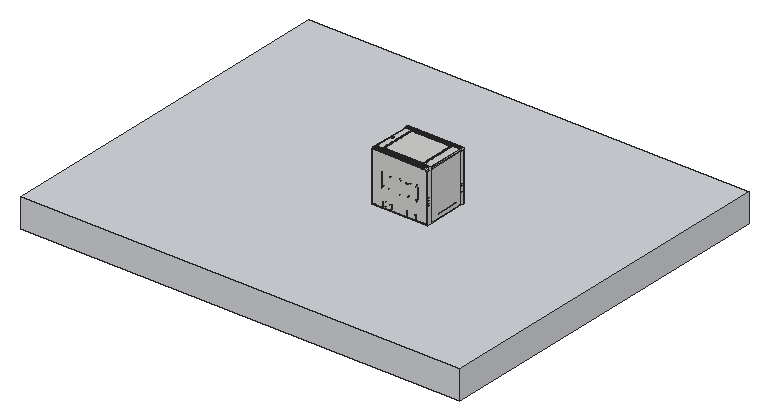
Revit family "Шкаф телекоммуникационный настенный разборный 19” 600x550_1", category Обобщенные модели, Revit 2019 (continued)
Definition of nested family "Крышка 550"
  Forms (mm)
    Extrusion 135, void, detail levels medium+fine
      sketch origin (0, 0, -164.506) x (0, 1, 0) y (0, 0, 1)
        loop
          arc (216.196, 526.499) -> (214.449, 524.752) -> (216.196, 523.006) r 1.747
          line (216.196, 523.006) -> (238.196, 523.006)
          arc (238.196, 523.006) -> (239.942, 524.752) -> (238.196, 526.499) r 1.747
      from 299 to 300
    Extrusion 136, void, detail levels medium+fine
      sketch origin (0, 0, -154.506) x (0, 1, 0) y (0, 0, 1)
        loop
          line (238.196, 526.499) -> (216.196, 526.499)
          arc (216.196, 526.499) -> (214.449, 524.752) -> (216.196, 523.006) r 1.747
          line (216.196, 523.006) -> (238.196, 523.006)
          arc (238.196, 523.006) -> (239.942, 524.752) -> (238.196, 526.499) r 1.747
      from 299 to 300
    Extrusion 137, void, detail levels medium+fine
      sketch origin (0, 0, -244.506) x (0, 1, 0) y (0, 0, -1)
        loop
          arc (238.196, -526.499) -> (239.942, -524.752) -> (238.196, -523.006) r 1.747
          line (238.196, -523.006) -> (216.196, -523.006)
          arc (216.196, -523.006) -> (214.449, -524.752) -> (216.196, -526.499) r 1.747
          line (216.196, -526.499) -> (238.196, -526.499)
      from 299 to 300
    Extrusion 138, void, detail levels medium+fine
      sketch origin (0, 0, -234.506) x (0, 1, 0) y (0, 0, -1)
        loop
          arc (238.196, -526.499) -> (239.942, -524.752) -> (238.196, -523.006) r 1.747
          line (238.196, -523.006) -> (216.196, -523.006)
          arc (216.196, -523.006) -> (214.449, -524.752) -> (216.196, -526.499) r 1.747
          line (216.196, -526.499) -> (238.196, -526.499)
      from 299 to 300
    Extrusion 139, void, detail levels medium+fine
      sketch origin (0, 0, -224.506) x (0, 1, 0) y (0, 0, -1)
        loop
          arc (238.196, -526.499) -> (239.942, -524.752) -> (238.196, -523.006) r 1.747
          line (238.196, -523.006) -> (216.196, -523.006)
          arc (216.196, -523.006) -> (214.449, -524.752) -> (216.196, -526.499) r 1.747
          line (216.196, -526.499) -> (238.196, -526.499)
      from 299 to 300
    Extrusion 140, void, detail levels medium+fine
      sketch origin (0, 0, -214.506) x (0, 1, 0) y (0, 0, -1)
        loop
          arc (238.196, -526.499) -> (239.942, -524.752) -> (238.196, -523.006) r 1.747
          line (238.196, -523.006) -> (216.196, -523.006)
          arc (216.196, -523.006) -> (214.449, -524.752) -> (216.196, -526.499) r 1.747
          line (216.196, -526.499) -> (238.196, -526.499)
      from 299 to 300
    Extrusion 141, void, detail levels medium+fine
      sketch origin (0, 0, -204.506) x (0, 1, 0) y (0, 0, -1)
        loop
          arc (238.196, -526.499) -> (239.942, -524.752) -> (238.196, -523.006) r 1.747
          line (238.196, -523.006) -> (216.196, -523.006)
          arc (216.196, -523.006) -> (214.449, -524.752) -> (216.196, -526.499) r 1.747
          line (216.196, -526.499) -> (238.196, -526.499)
      from 299 to 300
    Extrusion 142, void, detail levels medium+fine
      sketch origin (0, 0, -254.506) x (0, 1, 0) y (0, 0, -1)
        loop
          arc (238.196, -526.499) -> (239.942, -524.752) -> (238.196, -523.006) r 1.747
          line (238.196, -523.006) -> (216.196, -523.006)
          arc (216.196, -523.006) -> (214.449, -524.752) -> (216.196, -526.499) r 1.747
          line (216.196, -526.499) -> (238.196, -526.499)
      from 299 to 300
    Extrusion 143, void, detail levels medium+fine
      sketch origin (0, 0, -274.506) x (0, 1, 0) y (0, 0, -1)
        loop
          arc (238.196, -526.499) -> (239.942, -524.752) -> (238.196, -523.006) r 1.747
          line (238.196, -523.006) -> (216.196, -523.006)
          arc (216.196, -523.006) -> (214.449, -524.752) -> (216.196, -526.499) r 1.747
          line (216.196, -526.499) -> (238.196, -526.499)
      from 299 to 300
    Extrusion 144, void, detail levels medium+fine
      sketch origin (0, 0, -264.506) x (0, 1, 0) y (0, 0, -1)
        loop
          arc (238.196, -526.499) -> (239.942, -524.752) -> (238.196, -523.006) r 1.747
          line (238.196, -523.006) -> (216.196, -523.006)
          arc (216.196, -523.006) -> (214.449, -524.752) -> (216.196, -526.499) r 1.747
          line (216.196, -526.499) -> (238.196, -526.499)
      from 299 to 300
    Extrusion 145, void, detail levels medium+fine
      sketch origin (0, 0, -284.506) x (0, 1, 0) y (0, 0, -1)
        loop
          arc (238.196, -526.499) -> (239.942, -524.752) -> (238.196, -523.006) r 1.747
          line (238.196, -523.006) -> (216.196, -523.006)
          arc (216.196, -523.006) -> (214.449, -524.752) -> (216.196, -526.499) r 1.747
          line (216.196, -526.499) -> (238.196, -526.499)
      from 299 to 300
    Extrusion 146, void, detail levels medium+fine
      sketch origin (0, 0, -294.506) x (0, 1, 0) y (0, 0, -1)
        loop
          arc (238.196, -526.499) -> (239.942, -524.752) -> (238.196, -523.006) r 1.747
          line (238.196, -523.006) -> (216.196, -523.006)
          arc (216.196, -523.006) -> (214.449, -524.752) -> (216.196, -526.499) r 1.747
          line (216.196, -526.499) -> (238.196, -526.499)
      from 299 to 300
    Extrusion 147, void, detail levels medium+fine
      sketch origin (0, 0, -244.506) x (0, 1, 0) y (0, 0, 1)
        loop
          line (238.196, 526.499) -> (216.196, 526.499)
          arc (216.196, 526.499) -> (214.449, 524.752) -> (216.196, 523.006) r 1.747
          line (216.196, 523.006) -> (238.196, 523.006)
          arc (238.196, 523.006) -> (239.942, 524.752) -> (238.196, 526.499) r 1.747
      from 299 to 300
    Extrusion 148, void, detail levels medium+fine
      sketch origin (0, 0, -234.506) x (0, 1, 0) y (0, 0, 1)
        loop
          line (238.196, 526.499) -> (216.196, 526.499)
          arc (216.196, 526.499) -> (214.449, 524.752) -> (216.196, 523.006) r 1.747
          line (216.196, 523.006) -> (238.196, 523.006)
          arc (238.196, 523.006) -> (239.942, 524.752) -> (238.196, 526.499) r 1.747
      from 299 to 300
    Extrusion 149, void, detail levels medium+fine
      sketch origin (0, 0, -224.506) x (0, 1, 0) y (0, 0, 1)
        loop
          line (238.196, 526.499) -> (216.196, 526.499)
          arc (216.196, 526.499) -> (214.449, 524.752) -> (216.196, 523.006) r 1.747
          line (216.196, 523.006) -> (238.196, 523.006)
          arc (238.196, 523.006) -> (239.942, 524.752) -> (238.196, 526.499) r 1.747
      from 299 to 300
    Extrusion 150, void, detail levels medium+fine
      sketch origin (0, 0, -214.506) x (0, 1, 0) y (0, 0, 1)
        loop
          line (238.196, 526.499) -> (216.196, 526.499)
          arc (216.196, 526.499) -> (214.449, 524.752) -> (216.196, 523.006) r 1.747
          line (216.196, 523.006) -> (238.196, 523.006)
          arc (238.196, 523.006) -> (239.942, 524.752) -> (238.196, 526.499) r 1.747
      from 299 to 300
    Extrusion 151, void, detail levels medium+fine
      sketch origin (0, 0, -204.506) x (0, 1, 0) y (0, 0, 1)
        loop
          line (238.196, 526.499) -> (216.196, 526.499)
          arc (216.196, 526.499) -> (214.449, 524.752) -> (216.196, 523.006) r 1.747
          line (216.196, 523.006) -> (238.196, 523.006)
          arc (238.196, 523.006) -> (239.942, 524.752) -> (238.196, 526.499) r 1.747
      from 299 to 300
    Extrusion 152, void, detail levels medium+fine
      sketch origin (0, 0, -294.506) x (0, 1, 0) y (0, 0, 1)
        loop
          line (238.196, 526.499) -> (216.196, 526.499)
          arc (216.196, 526.499) -> (214.449, 524.752) -> (216.196, 523.006) r 1.747
          line (216.196, 523.006) -> (238.196, 523.006)
          arc (238.196, 523.006) -> (239.942, 524.752) -> (238.196, 526.499) r 1.747
      from 299 to 300
    Extrusion 153, void, detail levels medium+fine
      sketch origin (0, 0, -284.506) x (0, 1, 0) y (0, 0, 1)
        loop
          line (238.196, 526.499) -> (216.196, 526.499)
          arc (216.196, 526.499) -> (214.449, 524.752) -> (216.196, 523.006) r 1.747
          line (216.196, 523.006) -> (238.196, 523.006)
          arc (238.196, 523.006) -> (239.942, 524.752) -> (238.196, 526.499) r 1.747
      from 299 to 300
    Extrusion 154, void, detail levels medium+fine
      sketch origin (0, 0, -274.506) x (0, 1, 0) y (0, 0, 1)
        loop
          line (238.196, 526.499) -> (216.196, 526.499)
          arc (216.196, 526.499) -> (214.449, 524.752) -> (216.196, 523.006) r 1.747
          line (216.196, 523.006) -> (238.196, 523.006)
          arc (238.196, 523.006) -> (239.942, 524.752) -> (238.196, 526.499) r 1.747
      from 299 to 300
    Extrusion 155, void, detail levels medium+fine
      sketch origin (0, 0, -264.506) x (0, 1, 0) y (0, 0, 1)
        loop
          line (238.196, 526.499) -> (216.196, 526.499)
          arc (216.196, 526.499) -> (214.449, 524.752) -> (216.196, 523.006) r 1.747
          line (216.196, 523.006) -> (238.196, 523.006)
          arc (238.196, 523.006) -> (239.942, 524.752) -> (238.196, 526.499) r 1.747
      from 299 to 300
    Extrusion 156, void, detail levels medium+fine
      sketch origin (0, 0, -254.506) x (0, 1, 0) y (0, 0, 1)
        loop
          line (238.196, 526.499) -> (216.196, 526.499)
          arc (216.196, 526.499) -> (214.449, 524.752) -> (216.196, 523.006) r 1.747
          line (216.196, 523.006) -> (238.196, 523.006)
          arc (238.196, 523.006) -> (239.942, 524.752) -> (238.196, 526.499) r 1.747
      from 299 to 300
    Extrusion 157, void, detail levels medium+fine
      sketch origin (0, 0, -334.506) x (0, 1, 0) y (0, 0, 1)
        loop
          line (238.196, 526.499) -> (216.196, 526.499)
          arc (216.196, 526.499) -> (214.449, 524.752) -> (216.196, 523.006) r 1.747
          line (216.196, 523.006) -> (238.196, 523.006)
          arc (238.196, 523.006) -> (239.942, 524.752) -> (238.196, 526.499) r 1.747
      from 299 to 300
    Extrusion 158, void, detail levels medium+fine
      sketch origin (0, 0, -324.506) x (0, 1, 0) y (0, 0, 1)
        loop
          line (238.196, 526.499) -> (216.196, 526.499)
          arc (216.196, 526.499) -> (214.449, 524.752) -> (216.196, 523.006) r 1.747
          line (216.196, 523.006) -> (238.196, 523.006)
          arc (238.196, 523.006) -> (239.942, 524.752) -> (238.196, 526.499) r 1.747
      from 299 to 300
    Extrusion 159, void, detail levels medium+fine
      sketch origin (0, 0, -314.506) x (0, 1, 0) y (0, 0, 1)
        loop
          line (238.196, 526.499) -> (216.196, 526.499)
          arc (216.196, 526.499) -> (214.449, 524.752) -> (216.196, 523.006) r 1.747
          line (216.196, 523.006) -> (238.196, 523.006)
          arc (238.196, 523.006) -> (239.942, 524.752) -> (238.196, 526.499) r 1.747
      from 299 to 300
    Extrusion 160, void, detail levels medium+fine
      sketch origin (0, 0, -304.506) x (0, 1, 0) y (0, 0, 1)
        loop
          line (238.196, 526.499) -> (216.196, 526.499)
          arc (216.196, 526.499) -> (214.449, 524.752) -> (216.196, 523.006) r 1.747
          line (216.196, 523.006) -> (238.196, 523.006)
          arc (238.196, 523.006) -> (239.942, 524.752) -> (238.196, 526.499) r 1.747
      from 299 to 300
    Extrusion 161, void, detail levels medium+fine
      sketch origin (0, 0, -344.506) x (0, 1, 0) y (0, 0, 1)
        loop
          line (238.196, 526.499) -> (216.196, 526.499)
          arc (216.196, 526.499) -> (214.449, 524.752) -> (216.196, 523.006) r 1.747
          line (216.196, 523.006) -> (238.196, 523.006)
          arc (238.196, 523.006) -> (239.942, 524.752) -> (238.196, 526.499) r 1.747
      from 299 to 300
  Cuts and joins
    Extrusion 3, Extrusion 4, Extrusion 5, Extrusion 6, Extrusion 7, Extrusion 8, Extrusion 9, Extrusion 10, Extrusion 11, Extrusion 12, Extrusion 13, Extrusion 14, Extrusion 15, Extrusion 16, Extrusion 17, Extrusion 18, Extrusion 19, Extrusion 20, Extrusion 21, Extrusion 22, Extrusion 23, Extrusion 24, Extrusion 25, Extrusion 26, Extrusion 27, Extrusion 28, Extrusion 29, Extrusion 30, Extrusion 31, Extrusion 32, Extrusion 33, Extrusion 34, Extrusion 35, Extrusion 36, Extrusion 37, Extrusion 38, Extrusion 39, Extrusion 40, Extrusion 41, Extrusion 42, Extrusion 43, Extrusion 44, Extrusion 45, Extrusion 46, Extrusion 47, Extrusion 48, Extrusion 49, Extrusion 50, Extrusion 51, Extrusion 52, Extrusion 53, Extrusion 54, Extrusion 55, Extrusion 56, Extrusion 57, Extrusion 58, Extrusion 59, Extrusion 60, Extrusion 61, Extrusion 62, Extrusion 63, Extrusion 64, Extrusion 65, Extrusion 66, Extrusion 67, Extrusion 68, Extrusion 69, Extrusion 70, Extrusion 71, Extrusion 72, Extrusion 73, Extrusion 74, Extrusion 75, Extrusion 76, Extrusion 77, Extrusion 78, Extrusion 79, Extrusion 80, Extrusion 81, Extrusion 82, Extrusion 83, Extrusion 84, Extrusion 85, Extrusion 86, Extrusion 87, Extrusion 88, Extrusion 89, Extrusion 90, Extrusion 91, Extrusion 92, Extrusion 93, Extrusion 94, Extrusion 95, Extrusion 96, Extrusion 97, Extrusion 98, Extrusion 99, Extrusion 100, Extrusion 101, Extrusion 102, Extrusion 103, Extrusion 104, Extrusion 105, Extrusion 106, Extrusion 107, Extrusion 108, Extrusion 109, Extrusion 110, Extrusion 111, Extrusion 112, Extrusion 113, Extrusion 114, Extrusion 115, Extrusion 116, Extrusion 117, Extrusion 118, Extrusion 119, Extrusion 120, Extrusion 121, Extrusion 122, Extrusion 123, Extrusion 124, Extrusion 125, Extrusion 126, Extrusion 127, Extrusion 128, Extrusion 129, Extrusion 130, Extrusion 131, Extrusion 132, Extrusion 133, Extrusion 134, Extrusion 135, Extrusion 136, Extrusion 137, Extrusion 138, Extrusion 139, Extrusion 140, Extrusion 141, Extrusion 142, Extrusion 143, Extrusion 144, Extrusion 145, Extrusion 146, Extrusion 147, Extrusion 148, Extrusion 149, Extrusion 150, Extrusion 151, Extrusion 152, Extrusion 153, Extrusion 154, Extrusion 155, Extrusion 156, Extrusion 157, Extrusion 158, Extrusion 159, Extrusion 160, Extrusion 161 cuts Extrusion 2
  Lines and regions (mm)
    reference lines
      curve 1: line (-1.5, 227.896, 0) -> (1.5, 227.896, 0)
      curve 2: line (299, 0, 0) -> (299, 0, 550)
      curve 3: line (-299, 0, 550) -> (-299, 0, 0)
  Dimensions and locks
    equal spacing: plane 5, plane 3 "По центру (Влево/Вправо)", plane 4
    "ADSK_Размер_Ширина": plane 5 to plane 4
    "ADSK_Размер_Глубина": Extrusion 1 to plane 8
    locked: Extrusion 2 to plane 6 at 40
    aligned and locked: plane 2 to Extrusion 1
    aligned and locked: level to Extrusion 1
    aligned and locked: Extrusion 2 to level
    aligned and locked: Extrusion 2 to plane 8
    aligned and locked: plane 4 to Extrusion 2
    aligned and locked: Extrusion 2 to plane 5
    aligned and locked: Extrusion 7 to plane 6
    aligned and locked: Extrusion 5 to plane 6
    aligned and locked: plane 4 to Extrusion 5
    aligned and locked: Extrusion 4 to plane 6
    aligned and locked: Extrusion 4 to plane 5
    aligned and locked: curve 2 to Extrusion 8
  Automatic sketch dimensions
    curve 1 to curve 1 = 3 mm
    Extrusion 1 sketch curve to Extrusion 1 sketch curve = 2438.4 mm  (x2)
    Extrusion 2 sketch curve to level = 0 mm
    plane 8 to Extrusion 2 sketch curve = 0 mm
    Extrusion 2 sketch curve to plane 6 = 0 mm
    plane 6 to Extrusion 2 sketch curve = 0.879 mm
    level to Extrusion 2 sketch curve = 3 mm  (x2)
    plane 6 to Extrusion 2 sketch curve = 3 mm
    plane 8 to Extrusion 2 sketch curve = 0.879 mm
    plane 6 to Extrusion 2 sketch curve = 16.098 mm
    Extrusion 2 sketch curve to Extrusion 2 sketch curve = 2.121 mm
    Extrusion 2 sketch curve to Extrusion 2 sketch curve = 34 mm
    Extrusion 2 sketch curve to Extrusion 2 sketch curve = 3 mm
    plane 8 to Extrusion 2 sketch curve = 18.22 mm
    plane 5 to Extrusion 3 sketch curve = 28.5 mm
    Extrusion 3 sketch curve to Extrusion 3 sketch curve = 1.5 mm
    plane 6 to Extrusion 3 sketch curve = 33.804 mm
    plane 6 to Extrusion 3 sketch curve = 10.404 mm
    Extrusion 4 sketch curve to plane 5 = 0 mm  (x2)
    plane 6 to Extrusion 4 sketch curve = 0 mm  (x2)
    plane 5 to Extrusion 4 sketch curve = 3.029 mm
    Extrusion 4 sketch curve to Extrusion 4 sketch curve = 0 mm  (x2)
    Extrusion 5 sketch curve to plane 4 = 0 mm  (x2)
    plane 6 to Extrusion 5 sketch curve = 0 mm  (x2)
    plane 4 to Extrusion 5 sketch curve = 3.029 mm
    Extrusion 5 sketch curve to Extrusion 5 sketch curve = 0 mm  (x2)
    curve 1 to plane 3 "По центру (Влево/Вправо)" = 1.5 mm
    plane 3 "По центру (Влево/Вправо)" to curve 1 = 1.5 mm
    plane 6 to curve 1 = 22.104 mm
    plane 6 to Extrusion 6 sketch curve = 33.804 mm
    plane 6 to Extrusion 6 sketch curve = 11.804 mm
    level to Extrusion 6 sketch curve = 28.5 mm
    Extrusion 6 sketch curve to Extrusion 6 sketch curve = 1.747 mm
    plane 8 to Extrusion 8 sketch curve = 3.875 mm
    plane 6 to Extrusion 8 sketch curve = 40 mm
    Extrusion 8 sketch curve to Extrusion 8 sketch curve = 0.847 mm  (x2)
    level to Extrusion 8 sketch curve = 0.911 mm
    Extrusion 8 sketch curve to Extrusion 8 sketch curve = 3 mm  (x2)
    Extrusion 8 sketch curve to Extrusion 8 sketch curve = 17.812 mm
    plane 8 to Extrusion 8 sketch curve = 1.753 mm
    Extrusion 8 sketch curve to Extrusion 8 sketch curve = 2.121 mm
    plane 6 to Extrusion 8 sketch curve = 4 mm
    plane 6 to Extrusion 8 sketch curve = 3.997 mm
    plane 6 to Extrusion 8 sketch curve = 1.878 mm
    plane 6 to Extrusion 8 sketch curve = 1 mm
    plane 8 to Extrusion 8 sketch curve = 18.215 mm
    curve 3 to plane 8 = 0 mm
    curve 3 to level = 0 mm
    curve 2 to plane 8 = 0 mm
    curve 2 to level = 0 mm
    plane 5 to curve 3 = 1 mm
    curve 2 to plane 4 = 1 mm
    plane 6 to Extrusion 9 sketch curve = 33.804 mm
    plane 6 to Extrusion 9 sketch curve = 11.804 mm
    level to Extrusion 9 sketch curve = 38.5 mm
    Extrusion 9 sketch curve to Extrusion 9 sketch curve = 1.747 mm
    plane 6 to Extrusion 10 sketch curve = 33.804 mm
    plane 6 to Extrusion 10 sketch curve = 11.804 mm
    level to Extrusion 10 sketch curve = 48.5 mm
    Extrusion 10 sketch curve to Extrusion 10 sketch curve = 1.747 mm
    plane 6 to Extrusion 11 sketch curve = 33.804 mm
    plane 6 to Extrusion 11 sketch curve = 11.804 mm
    level to Extrusion 11 sketch curve = 58.5 mm
    Extrusion 11 sketch curve to Extrusion 11 sketch curve = 1.747 mm
    plane 6 to Extrusion 12 sketch curve = 33.804 mm
    plane 6 to Extrusion 12 sketch curve = 11.804 mm
    level to Extrusion 12 sketch curve = 68.5 mm
    Extrusion 12 sketch curve to Extrusion 12 sketch curve = 1.747 mm
    plane 6 to Extrusion 13 sketch curve = 33.804 mm
    plane 6 to Extrusion 13 sketch curve = 11.804 mm
    level to Extrusion 13 sketch curve = 78.5 mm
    Extrusion 13 sketch curve to Extrusion 13 sketch curve = 1.747 mm
    plane 6 to Extrusion 14 sketch curve = 33.804 mm
    plane 6 to Extrusion 14 sketch curve = 11.804 mm
    level to Extrusion 14 sketch curve = 88.5 mm
    Extrusion 14 sketch curve to Extrusion 14 sketch curve = 1.747 mm
    plane 6 to Extrusion 15 sketch curve = 33.804 mm
    plane 6 to Extrusion 15 sketch curve = 11.804 mm
    level to Extrusion 15 sketch curve = 98.5 mm
    Extrusion 15 sketch curve to Extrusion 15 sketch curve = 1.747 mm
    plane 6 to Extrusion 16 sketch curve = 33.804 mm
    plane 6 to Extrusion 16 sketch curve = 11.804 mm
    level to Extrusion 16 sketch curve = 108.5 mm
    Extrusion 16 sketch curve to Extrusion 16 sketch curve = 1.747 mm
    plane 6 to Extrusion 17 sketch curve = 33.804 mm
    plane 6 to Extrusion 17 sketch curve = 11.804 mm
    level to Extrusion 17 sketch curve = 118.5 mm
    Extrusion 17 sketch curve to Extrusion 17 sketch curve = 1.747 mm
    plane 6 to Extrusion 18 sketch curve = 33.804 mm
    plane 6 to Extrusion 18 sketch curve = 11.804 mm
    level to Extrusion 18 sketch curve = 128.5 mm
    Extrusion 18 sketch curve to Extrusion 18 sketch curve = 1.747 mm
    plane 6 to Extrusion 19 sketch curve = 33.804 mm
    plane 6 to Extrusion 19 sketch curve = 11.804 mm
    level to Extrusion 19 sketch curve = 138.5 mm
    Extrusion 19 sketch curve to Extrusion 19 sketch curve = 1.747 mm
    plane 6 to Extrusion 20 sketch curve = 33.804 mm
    plane 6 to Extrusion 20 sketch curve = 11.804 mm
    level to Extrusion 20 sketch curve = 148.5 mm
    Extrusion 20 sketch curve to Extrusion 20 sketch curve = 1.747 mm
    plane 6 to Extrusion 21 sketch curve = 33.804 mm
    plane 6 to Extrusion 21 sketch curve = 11.804 mm
    level to Extrusion 21 sketch curve = 158.5 mm
    Extrusion 21 sketch curve to Extrusion 21 sketch curve = 1.747 mm
    plane 6 to Extrusion 22 sketch curve = 33.804 mm
    plane 6 to Extrusion 22 sketch curve = 11.804 mm
    level to Extrusion 22 sketch curve = 168.5 mm
    Extrusion 22 sketch curve to Extrusion 22 sketch curve = 1.747 mm
    plane 6 to Extrusion 23 sketch curve = 33.804 mm
    plane 6 to Extrusion 23 sketch curve = 11.804 mm
    plane 8 to Extrusion 23 sketch curve = 171.5 mm
    Extrusion 23 sketch curve to Extrusion 23 sketch curve = 1.747 mm
    plane 6 to Extrusion 24 sketch curve = 33.804 mm
    plane 6 to Extrusion 24 sketch curve = 11.804 mm
    plane 8 to Extrusion 24 sketch curve = 161.5 mm
    Extrusion 24 sketch curve to Extrusion 24 sketch curve = 1.747 mm
    plane 6 to Extrusion 25 sketch curve = 33.804 mm
    plane 6 to Extrusion 25 sketch curve = 11.804 mm
    plane 8 to Extrusion 25 sketch curve = 151.5 mm
    Extrusion 25 sketch curve to Extrusion 25 sketch curve = 1.747 mm
    plane 6 to Extrusion 26 sketch curve = 33.804 mm
    plane 6 to Extrusion 26 sketch curve = 11.804 mm
    plane 8 to Extrusion 26 sketch curve = 141.5 mm
    Extrusion 26 sketch curve to Extrusion 26 sketch curve = 1.747 mm
    plane 6 to Extrusion 27 sketch curve = 33.804 mm
    plane 6 to Extrusion 27 sketch curve = 11.804 mm
    plane 8 to Extrusion 27 sketch curve = 131.5 mm
    Extrusion 27 sketch curve to Extrusion 27 sketch curve = 1.747 mm
    plane 6 to Extrusion 28 sketch curve = 33.804 mm
    plane 6 to Extrusion 28 sketch curve = 11.804 mm
    plane 8 to Extrusion 28 sketch curve = 121.5 mm
    Extrusion 28 sketch curve to Extrusion 28 sketch curve = 1.747 mm
    plane 6 to Extrusion 29 sketch curve = 33.804 mm
    plane 6 to Extrusion 29 sketch curve = 11.804 mm
    plane 8 to Extrusion 29 sketch curve = 111.5 mm
    Extrusion 29 sketch curve to Extrusion 29 sketch curve = 1.747 mm
    plane 6 to Extrusion 30 sketch curve = 33.804 mm
    plane 6 to Extrusion 30 sketch curve = 11.804 mm
    plane 8 to Extrusion 30 sketch curve = 101.5 mm
    Extrusion 30 sketch curve to Extrusion 30 sketch curve = 1.747 mm
    plane 6 to Extrusion 31 sketch curve = 33.804 mm
    plane 6 to Extrusion 31 sketch curve = 11.804 mm
    plane 8 to Extrusion 31 sketch curve = 91.5 mm
    Extrusion 31 sketch curve to Extrusion 31 sketch curve = 1.747 mm
    plane 6 to Extrusion 32 sketch curve = 33.804 mm
    plane 6 to Extrusion 32 sketch curve = 11.804 mm
    plane 8 to Extrusion 32 sketch curve = 81.5 mm
    Extrusion 32 sketch curve to Extrusion 32 sketch curve = 1.747 mm
    plane 6 to Extrusion 33 sketch curve = 33.804 mm
    plane 6 to Extrusion 33 sketch curve = 11.804 mm
    plane 8 to Extrusion 33 sketch curve = 71.5 mm
    Extrusion 33 sketch curve to Extrusion 33 sketch curve = 1.747 mm
    plane 6 to Extrusion 34 sketch curve = 33.804 mm
    plane 6 to Extrusion 34 sketch curve = 11.804 mm
    plane 8 to Extrusion 34 sketch curve = 61.5 mm
    Extrusion 34 sketch curve to Extrusion 34 sketch curve = 1.747 mm
    plane 6 to Extrusion 35 sketch curve = 33.804 mm
    plane 6 to Extrusion 35 sketch curve = 11.804 mm
    plane 8 to Extrusion 35 sketch curve = 51.5 mm
    Extrusion 35 sketch curve to Extrusion 35 sketch curve = 1.747 mm
    plane 6 to Extrusion 36 sketch curve = 33.804 mm
    plane 6 to Extrusion 36 sketch curve = 11.804 mm
    plane 8 to Extrusion 36 sketch curve = 41.5 mm
    Extrusion 36 sketch curve to Extrusion 36 sketch curve = 1.747 mm
    plane 6 to Extrusion 37 sketch curve = 33.804 mm
    plane 6 to Extrusion 37 sketch curve = 11.804 mm
    plane 8 to Extrusion 37 sketch curve = 31.5 mm
    Extrusion 37 sketch curve to Extrusion 37 sketch curve = 1.747 mm
    plane 6 to Extrusion 38 sketch curve = 33.804 mm
    plane 6 to Extrusion 38 sketch curve = 11.804 mm
    plane 8 to Extrusion 38 sketch curve = 118.007 mm
    Extrusion 38 sketch curve to Extrusion 38 sketch curve = 1.747 mm
    plane 6 to Extrusion 39 sketch curve = 33.804 mm
    plane 6 to Extrusion 39 sketch curve = 11.804 mm
    plane 8 to Extrusion 39 sketch curve = 108.007 mm
    Extrusion 39 sketch curve to Extrusion 39 sketch curve = 1.747 mm
    plane 6 to Extrusion 40 sketch curve = 33.804 mm
    plane 6 to Extrusion 40 sketch curve = 11.804 mm
    plane 8 to Extrusion 40 sketch curve = 98.007 mm
    Extrusion 40 sketch curve to Extrusion 40 sketch curve = 1.747 mm
    plane 6 to Extrusion 41 sketch curve = 33.804 mm
    plane 6 to Extrusion 41 sketch curve = 11.804 mm
    plane 8 to Extrusion 41 sketch curve = 88.007 mm
    Extrusion 41 sketch curve to Extrusion 41 sketch curve = 1.747 mm
    plane 6 to Extrusion 42 sketch curve = 33.804 mm
    plane 6 to Extrusion 42 sketch curve = 11.804 mm
    plane 8 to Extrusion 42 sketch curve = 78.007 mm
    Extrusion 42 sketch curve to Extrusion 42 sketch curve = 1.747 mm
    plane 6 to Extrusion 43 sketch curve = 33.804 mm
    plane 6 to Extrusion 43 sketch curve = 11.804 mm
    plane 8 to Extrusion 43 sketch curve = 68.007 mm
    Extrusion 43 sketch curve to Extrusion 43 sketch curve = 1.747 mm
    plane 6 to Extrusion 44 sketch curve = 33.804 mm
    plane 6 to Extrusion 44 sketch curve = 11.804 mm
    plane 8 to Extrusion 44 sketch curve = 58.007 mm
    Extrusion 44 sketch curve to Extrusion 44 sketch curve = 1.747 mm
    plane 6 to Extrusion 45 sketch curve = 33.804 mm
    plane 6 to Extrusion 45 sketch curve = 11.804 mm
    plane 8 to Extrusion 45 sketch curve = 48.007 mm
    Extrusion 45 sketch curve to Extrusion 45 sketch curve = 1.747 mm
    plane 6 to Extrusion 46 sketch curve = 33.804 mm
    plane 6 to Extrusion 46 sketch curve = 11.804 mm
    plane 8 to Extrusion 46 sketch curve = 38.007 mm
    Extrusion 46 sketch curve to Extrusion 46 sketch curve = 1.747 mm
    plane 6 to Extrusion 47 sketch curve = 33.804 mm
    plane 6 to Extrusion 47 sketch curve = 11.804 mm
    plane 8 to Extrusion 47 sketch curve = 28.007 mm
    Extrusion 47 sketch curve to Extrusion 47 sketch curve = 1.747 mm
    plane 6 to Extrusion 48 sketch curve = 33.804 mm
    plane 6 to Extrusion 48 sketch curve = 11.804 mm
    plane 8 to Extrusion 48 sketch curve = 168.007 mm
    Extrusion 48 sketch curve to Extrusion 48 sketch curve = 1.747 mm
    plane 6 to Extrusion 49 sketch curve = 33.804 mm
    plane 6 to Extrusion 49 sketch curve = 11.804 mm
    plane 8 to Extrusion 49 sketch curve = 158.007 mm
    Extrusion 49 sketch curve to Extrusion 49 sketch curve = 1.747 mm
    plane 6 to Extrusion 50 sketch curve = 33.804 mm
    plane 6 to Extrusion 50 sketch curve = 11.804 mm
    plane 8 to Extrusion 50 sketch curve = 148.007 mm
    Extrusion 50 sketch curve to Extrusion 50 sketch curve = 1.747 mm
    plane 6 to Extrusion 51 sketch curve = 33.804 mm
    plane 6 to Extrusion 51 sketch curve = 11.804 mm
    plane 8 to Extrusion 51 sketch curve = 138.007 mm
    Extrusion 51 sketch curve to Extrusion 51 sketch curve = 1.747 mm
    plane 6 to Extrusion 52 sketch curve = 33.804 mm
    plane 6 to Extrusion 52 sketch curve = 11.804 mm
    plane 8 to Extrusion 52 sketch curve = 128.007 mm
    Extrusion 52 sketch curve to Extrusion 52 sketch curve = 1.747 mm
    plane 6 to Extrusion 53 sketch curve = 33.804 mm
    plane 6 to Extrusion 53 sketch curve = 11.804 mm
    level to Extrusion 53 sketch curve = 131.993 mm
    Extrusion 53 sketch curve to Extrusion 53 sketch curve = 1.747 mm
    plane 6 to Extrusion 54 sketch curve = 33.804 mm
    plane 6 to Extrusion 54 sketch curve = 11.804 mm
    level to Extrusion 54 sketch curve = 141.993 mm
    Extrusion 54 sketch curve to Extrusion 54 sketch curve = 1.747 mm
    plane 6 to Extrusion 55 sketch curve = 33.804 mm
    plane 6 to Extrusion 55 sketch curve = 11.804 mm
    level to Extrusion 55 sketch curve = 151.993 mm
    Extrusion 55 sketch curve to Extrusion 55 sketch curve = 1.747 mm
    plane 6 to Extrusion 56 sketch curve = 33.804 mm
    plane 6 to Extrusion 56 sketch curve = 11.804 mm
    level to Extrusion 56 sketch curve = 161.993 mm
    Extrusion 56 sketch curve to Extrusion 56 sketch curve = 1.747 mm
    plane 6 to Extrusion 57 sketch curve = 33.804 mm
    plane 6 to Extrusion 57 sketch curve = 11.804 mm
    level to Extrusion 57 sketch curve = 171.993 mm
    Extrusion 57 sketch curve to Extrusion 57 sketch curve = 1.747 mm
    plane 6 to Extrusion 58 sketch curve = 33.804 mm
    plane 6 to Extrusion 58 sketch curve = 11.804 mm
    level to Extrusion 58 sketch curve = 81.993 mm
    Extrusion 58 sketch curve to Extrusion 58 sketch curve = 1.747 mm
    plane 6 to Extrusion 59 sketch curve = 33.804 mm
    plane 6 to Extrusion 59 sketch curve = 11.804 mm
    level to Extrusion 59 sketch curve = 91.993 mm
    Extrusion 59 sketch curve to Extrusion 59 sketch curve = 1.747 mm
    plane 6 to Extrusion 60 sketch curve = 33.804 mm
    plane 6 to Extrusion 60 sketch curve = 11.804 mm
    level to Extrusion 60 sketch curve = 101.993 mm
    Extrusion 60 sketch curve to Extrusion 60 sketch curve = 1.747 mm
    plane 6 to Extrusion 61 sketch curve = 33.804 mm
    plane 6 to Extrusion 61 sketch curve = 11.804 mm
    level to Extrusion 61 sketch curve = 111.993 mm
    Extrusion 61 sketch curve to Extrusion 61 sketch curve = 1.747 mm
    plane 6 to Extrusion 62 sketch curve = 33.804 mm
    plane 6 to Extrusion 62 sketch curve = 11.804 mm
    level to Extrusion 62 sketch curve = 121.993 mm
    Extrusion 62 sketch curve to Extrusion 62 sketch curve = 1.747 mm
    plane 6 to Extrusion 63 sketch curve = 33.804 mm
    plane 6 to Extrusion 63 sketch curve = 11.804 mm
    level to Extrusion 63 sketch curve = 31.993 mm
    Extrusion 63 sketch curve to Extrusion 63 sketch curve = 1.747 mm
    plane 6 to Extrusion 64 sketch curve = 33.804 mm
    plane 6 to Extrusion 64 sketch curve = 11.804 mm
    level to Extrusion 64 sketch curve = 41.993 mm
    Extrusion 64 sketch curve to Extrusion 64 sketch curve = 1.747 mm
    plane 6 to Extrusion 65 sketch curve = 33.804 mm
    plane 6 to Extrusion 65 sketch curve = 11.804 mm
    level to Extrusion 65 sketch curve = 51.993 mm
    Extrusion 65 sketch curve to Extrusion 65 sketch curve = 1.747 mm
    plane 6 to Extrusion 66 sketch curve = 33.804 mm
    plane 6 to Extrusion 66 sketch curve = 11.804 mm
    level to Extrusion 66 sketch curve = 61.993 mm
    Extrusion 66 sketch curve to Extrusion 66 sketch curve = 1.747 mm
    plane 6 to Extrusion 67 sketch curve = 33.804 mm
    plane 6 to Extrusion 67 sketch curve = 11.804 mm
    level to Extrusion 67 sketch curve = 71.993 mm
    Extrusion 67 sketch curve to Extrusion 67 sketch curve = 1.747 mm
    plane 6 to Extrusion 68 sketch curve = 10.404 mm
    plane 5 to Extrusion 68 sketch curve = 38.5 mm
    Extrusion 68 sketch curve to Extrusion 68 sketch curve = 1.5 mm
    Extrusion 68 sketch curve to Extrusion 68 sketch curve = 23.4 mm
    plane 6 to Extrusion 69 sketch curve = 10.404 mm
    plane 5 to Extrusion 69 sketch curve = 48.5 mm
    Extrusion 69 sketch curve to Extrusion 69 sketch curve = 1.5 mm
    Extrusion 69 sketch curve to Extrusion 69 sketch curve = 23.4 mm
    plane 6 to Extrusion 70 sketch curve = 10.404 mm
    plane 5 to Extrusion 70 sketch curve = 58.5 mm
    Extrusion 70 sketch curve to Extrusion 70 sketch curve = 1.5 mm
    Extrusion 70 sketch curve to Extrusion 70 sketch curve = 23.4 mm
    plane 6 to Extrusion 71 sketch curve = 10.404 mm
    plane 5 to Extrusion 71 sketch curve = 68.5 mm
    Extrusion 71 sketch curve to Extrusion 71 sketch curve = 1.5 mm
    Extrusion 71 sketch curve to Extrusion 71 sketch curve = 23.4 mm
    plane 6 to Extrusion 72 sketch curve = 10.404 mm
    plane 5 to Extrusion 72 sketch curve = 78.5 mm
    Extrusion 72 sketch curve to Extrusion 72 sketch curve = 1.5 mm
    Extrusion 72 sketch curve to Extrusion 72 sketch curve = 23.4 mm
    plane 6 to Extrusion 73 sketch curve = 10.404 mm
    plane 5 to Extrusion 73 sketch curve = 88.5 mm
    Extrusion 73 sketch curve to Extrusion 73 sketch curve = 1.5 mm
    Extrusion 73 sketch curve to Extrusion 73 sketch curve = 23.4 mm
    plane 6 to Extrusion 74 sketch curve = 10.404 mm
    plane 5 to Extrusion 74 sketch curve = 98.5 mm
    Extrusion 74 sketch curve to Extrusion 74 sketch curve = 1.5 mm
    Extrusion 74 sketch curve to Extrusion 74 sketch curve = 23.4 mm
    plane 6 to Extrusion 75 sketch curve = 10.404 mm
    plane 5 to Extrusion 75 sketch curve = 108.5 mm
    Extrusion 75 sketch curve to Extrusion 75 sketch curve = 1.5 mm
    Extrusion 75 sketch curve to Extrusion 75 sketch curve = 23.4 mm
    plane 6 to Extrusion 76 sketch curve = 10.404 mm
    plane 5 to Extrusion 76 sketch curve = 118.5 mm
    Extrusion 76 sketch curve to Extrusion 76 sketch curve = 1.5 mm
    Extrusion 76 sketch curve to Extrusion 76 sketch curve = 23.4 mm
    plane 6 to Extrusion 77 sketch curve = 10.404 mm
    plane 5 to Extrusion 77 sketch curve = 128.5 mm
    Extrusion 77 sketch curve to Extrusion 77 sketch curve = 1.5 mm
    Extrusion 77 sketch curve to Extrusion 77 sketch curve = 23.4 mm
    plane 6 to Extrusion 78 sketch curve = 10.404 mm
    plane 5 to Extrusion 78 sketch curve = 138.5 mm
    Extrusion 78 sketch curve to Extrusion 78 sketch curve = 1.5 mm
    Extrusion 78 sketch curve to Extrusion 78 sketch curve = 23.4 mm
    plane 6 to Extrusion 79 sketch curve = 10.404 mm
    plane 5 to Extrusion 79 sketch curve = 148.5 mm
    Extrusion 79 sketch curve to Extrusion 79 sketch curve = 1.5 mm
    Extrusion 79 sketch curve to Extrusion 79 sketch curve = 23.4 mm
    plane 6 to Extrusion 80 sketch curve = 10.404 mm
    Extrusion 80 sketch curve to plane 3 "По центру (Влево/Вправо)" = 141.5 mm
    Extrusion 80 sketch curve to Extrusion 80 sketch curve = 1.5 mm
    Extrusion 80 sketch curve to Extrusion 80 sketch curve = 23.4 mm
    plane 6 to Extrusion 81 sketch curve = 10.404 mm
    Extrusion 81 sketch curve to plane 3 "По центру (Влево/Вправо)" = 131.5 mm
    Extrusion 81 sketch curve to Extrusion 81 sketch curve = 1.5 mm
    Extrusion 81 sketch curve to Extrusion 81 sketch curve = 23.4 mm
    plane 6 to Extrusion 82 sketch curve = 10.404 mm
    Extrusion 82 sketch curve to plane 3 "По центру (Влево/Вправо)" = 121.5 mm
    Extrusion 82 sketch curve to Extrusion 82 sketch curve = 1.5 mm
    Extrusion 82 sketch curve to Extrusion 82 sketch curve = 23.4 mm
    plane 6 to Extrusion 83 sketch curve = 10.404 mm
    Extrusion 83 sketch curve to plane 3 "По центру (Влево/Вправо)" = 111.5 mm
    Extrusion 83 sketch curve to Extrusion 83 sketch curve = 1.5 mm
    Extrusion 83 sketch curve to Extrusion 83 sketch curve = 23.4 mm
    plane 6 to Extrusion 84 sketch curve = 10.404 mm
    Extrusion 84 sketch curve to plane 3 "По центру (Влево/Вправо)" = 101.5 mm
    Extrusion 84 sketch curve to Extrusion 84 sketch curve = 1.5 mm
    Extrusion 84 sketch curve to Extrusion 84 sketch curve = 23.4 mm
    plane 6 to Extrusion 85 sketch curve = 10.404 mm
    Extrusion 85 sketch curve to plane 3 "По центру (Влево/Вправо)" = 91.5 mm
    Extrusion 85 sketch curve to Extrusion 85 sketch curve = 1.5 mm
    Extrusion 85 sketch curve to Extrusion 85 sketch curve = 23.4 mm
    plane 6 to Extrusion 86 sketch curve = 10.404 mm
    Extrusion 86 sketch curve to plane 3 "По центру (Влево/Вправо)" = 81.5 mm
    Extrusion 86 sketch curve to Extrusion 86 sketch curve = 1.5 mm
    Extrusion 86 sketch curve to Extrusion 86 sketch curve = 23.4 mm
    plane 6 to Extrusion 87 sketch curve = 10.404 mm
    Extrusion 87 sketch curve to plane 3 "По центру (Влево/Вправо)" = 71.5 mm
    Extrusion 87 sketch curve to Extrusion 87 sketch curve = 1.5 mm
    Extrusion 87 sketch curve to Extrusion 87 sketch curve = 23.4 mm
    plane 6 to Extrusion 88 sketch curve = 10.404 mm
    Extrusion 88 sketch curve to plane 3 "По центру (Влево/Вправо)" = 61.5 mm
    Extrusion 88 sketch curve to Extrusion 88 sketch curve = 1.5 mm
    Extrusion 88 sketch curve to Extrusion 88 sketch curve = 23.4 mm
    plane 6 to Extrusion 89 sketch curve = 10.404 mm
    Extrusion 89 sketch curve to plane 3 "По центру (Влево/Вправо)" = 51.5 mm
    Extrusion 89 sketch curve to Extrusion 89 sketch curve = 1.5 mm
    Extrusion 89 sketch curve to Extrusion 89 sketch curve = 23.4 mm
    plane 6 to Extrusion 90 sketch curve = 10.404 mm
    Extrusion 90 sketch curve to plane 3 "По центру (Влево/Вправо)" = 41.5 mm
    Extrusion 90 sketch curve to Extrusion 90 sketch curve = 1.5 mm
    Extrusion 90 sketch curve to Extrusion 90 sketch curve = 23.4 mm
    plane 6 to Extrusion 91 sketch curve = 10.404 mm
    Extrusion 91 sketch curve to plane 3 "По центру (Влево/Вправо)" = 31.5 mm
    Extrusion 91 sketch curve to Extrusion 91 sketch curve = 1.5 mm
    Extrusion 91 sketch curve to Extrusion 91 sketch curve = 23.4 mm
    Extrusion 92 sketch curve to plane 3 "По центру (Влево/Вправо)" = 21.5 mm
    Extrusion 92 sketch curve to Extrusion 92 sketch curve = 1.5 mm
    plane 6 to Extrusion 92 sketch curve = 33.804 mm
    plane 6 to Extrusion 92 sketch curve = 10.404 mm
    Extrusion 93 sketch curve to plane 3 "По центру (Влево/Вправо)" = 11.5 mm
    Extrusion 93 sketch curve to Extrusion 93 sketch curve = 1.5 mm
    plane 6 to Extrusion 93 sketch curve = 33.804 mm
    plane 6 to Extrusion 93 sketch curve = 10.404 mm
    Extrusion 94 sketch curve to plane 3 "По центру (Влево/Вправо)" = 0 mm
    Extrusion 94 sketch curve to Extrusion 94 sketch curve = 1.5 mm
    plane 6 to Extrusion 94 sketch curve = 33.804 mm
    plane 6 to Extrusion 94 sketch curve = 10.404 mm
    plane 3 "По центру (Влево/Вправо)" to Extrusion 95 sketch curve = 8.5 mm
    Extrusion 95 sketch curve to Extrusion 95 sketch curve = 1.5 mm
    plane 6 to Extrusion 95 sketch curve = 33.804 mm
    plane 6 to Extrusion 95 sketch curve = 10.404 mm
    plane 3 "По центру (Влево/Вправо)" to Extrusion 96 sketch curve = 18.5 mm
    Extrusion 96 sketch curve to Extrusion 96 sketch curve = 1.5 mm
    plane 6 to Extrusion 96 sketch curve = 33.804 mm
    plane 6 to Extrusion 96 sketch curve = 10.404 mm
    plane 3 "По центру (Влево/Вправо)" to Extrusion 97 sketch curve = 28.5 mm
    Extrusion 97 sketch curve to Extrusion 97 sketch curve = 1.5 mm
    plane 6 to Extrusion 97 sketch curve = 33.804 mm
    plane 6 to Extrusion 97 sketch curve = 10.404 mm
    plane 6 to Extrusion 98 sketch curve = 10.404 mm
    plane 3 "По центру (Влево/Вправо)" to Extrusion 98 sketch curve = 38.5 mm
    Extrusion 98 sketch curve to Extrusion 98 sketch curve = 1.5 mm
    Extrusion 98 sketch curve to Extrusion 98 sketch curve = 23.4 mm
    plane 6 to Extrusion 99 sketch curve = 10.404 mm
    plane 3 "По центру (Влево/Вправо)" to Extrusion 99 sketch curve = 48.5 mm
    Extrusion 99 sketch curve to Extrusion 99 sketch curve = 1.5 mm
    Extrusion 99 sketch curve to Extrusion 99 sketch curve = 23.4 mm
    plane 6 to Extrusion 100 sketch curve = 10.404 mm
    plane 3 "По центру (Влево/Вправо)" to Extrusion 100 sketch curve = 58.5 mm
    Extrusion 100 sketch curve to Extrusion 100 sketch curve = 1.5 mm
    Extrusion 100 sketch curve to Extrusion 100 sketch curve = 23.4 mm
    plane 6 to Extrusion 101 sketch curve = 10.404 mm
    plane 3 "По центру (Влево/Вправо)" to Extrusion 101 sketch curve = 68.5 mm
    Extrusion 101 sketch curve to Extrusion 101 sketch curve = 1.5 mm
    Extrusion 101 sketch curve to Extrusion 101 sketch curve = 23.4 mm
    plane 6 to Extrusion 102 sketch curve = 10.404 mm
    plane 3 "По центру (Влево/Вправо)" to Extrusion 102 sketch curve = 78.5 mm
    Extrusion 102 sketch curve to Extrusion 102 sketch curve = 1.5 mm
    Extrusion 102 sketch curve to Extrusion 102 sketch curve = 23.4 mm
    plane 6 to Extrusion 103 sketch curve = 10.404 mm
    plane 3 "По центру (Влево/Вправо)" to Extrusion 103 sketch curve = 88.5 mm
    Extrusion 103 sketch curve to Extrusion 103 sketch curve = 1.5 mm
    Extrusion 103 sketch curve to Extrusion 103 sketch curve = 23.4 mm
    plane 6 to Extrusion 104 sketch curve = 10.404 mm
    plane 3 "По центру (Влево/Вправо)" to Extrusion 104 sketch curve = 98.5 mm
    Extrusion 104 sketch curve to Extrusion 104 sketch curve = 1.5 mm
    Extrusion 104 sketch curve to Extrusion 104 sketch curve = 23.4 mm
    plane 6 to Extrusion 105 sketch curve = 10.404 mm
    plane 3 "По центру (Влево/Вправо)" to Extrusion 105 sketch curve = 108.5 mm
    Extrusion 105 sketch curve to Extrusion 105 sketch curve = 1.5 mm
    Extrusion 105 sketch curve to Extrusion 105 sketch curve = 23.4 mm
    plane 6 to Extrusion 106 sketch curve = 10.404 mm
    plane 3 "По центру (Влево/Вправо)" to Extrusion 106 sketch curve = 118.5 mm
    Extrusion 106 sketch curve to Extrusion 106 sketch curve = 1.5 mm
    Extrusion 106 sketch curve to Extrusion 106 sketch curve = 23.4 mm
    plane 6 to Extrusion 107 sketch curve = 10.404 mm
    plane 3 "По центру (Влево/Вправо)" to Extrusion 107 sketch curve = 128.5 mm
    Extrusion 107 sketch curve to Extrusion 107 sketch curve = 1.5 mm
    Extrusion 107 sketch curve to Extrusion 107 sketch curve = 23.4 mm
    plane 6 to Extrusion 108 sketch curve = 10.404 mm
    plane 3 "По центру (Влево/Вправо)" to Extrusion 108 sketch curve = 138.5 mm
    Extrusion 108 sketch curve to Extrusion 108 sketch curve = 1.5 mm
    Extrusion 108 sketch curve to Extrusion 108 sketch curve = 23.4 mm
    plane 6 to Extrusion 109 sketch curve = 10.404 mm
    plane 3 "По центру (Влево/Вправо)" to Extrusion 109 sketch curve = 148.5 mm
    Extrusion 109 sketch curve to Extrusion 109 sketch curve = 1.5 mm
    Extrusion 109 sketch curve to Extrusion 109 sketch curve = 23.4 mm
    plane 6 to Extrusion 110 sketch curve = 10.404 mm
    Extrusion 110 sketch curve to plane 4 = 141.5 mm
    Extrusion 110 sketch curve to Extrusion 110 sketch curve = 1.5 mm
    Extrusion 110 sketch curve to Extrusion 110 sketch curve = 23.4 mm
    plane 6 to Extrusion 111 sketch curve = 10.404 mm
    Extrusion 111 sketch curve to plane 4 = 131.5 mm
    Extrusion 111 sketch curve to Extrusion 111 sketch curve = 1.5 mm
    Extrusion 111 sketch curve to Extrusion 111 sketch curve = 23.4 mm
    plane 6 to Extrusion 112 sketch curve = 10.404 mm
    Extrusion 112 sketch curve to plane 4 = 121.5 mm
    Extrusion 112 sketch curve to Extrusion 112 sketch curve = 1.5 mm
    Extrusion 112 sketch curve to Extrusion 112 sketch curve = 23.4 mm
    plane 6 to Extrusion 113 sketch curve = 10.404 mm
    Extrusion 113 sketch curve to plane 4 = 111.5 mm
    Extrusion 113 sketch curve to Extrusion 113 sketch curve = 1.5 mm
    Extrusion 113 sketch curve to Extrusion 113 sketch curve = 23.4 mm
    plane 6 to Extrusion 114 sketch curve = 10.404 mm
    Extrusion 114 sketch curve to plane 4 = 101.5 mm
    Extrusion 114 sketch curve to Extrusion 114 sketch curve = 1.5 mm
    Extrusion 114 sketch curve to Extrusion 114 sketch curve = 23.4 mm
    plane 6 to Extrusion 115 sketch curve = 10.404 mm
    Extrusion 115 sketch curve to plane 4 = 91.5 mm
    Extrusion 115 sketch curve to Extrusion 115 sketch curve = 1.5 mm
    Extrusion 115 sketch curve to Extrusion 115 sketch curve = 23.4 mm
    plane 6 to Extrusion 116 sketch curve = 10.404 mm
    Extrusion 116 sketch curve to plane 4 = 81.5 mm
    Extrusion 116 sketch curve to Extrusion 116 sketch curve = 1.5 mm
    Extrusion 116 sketch curve to Extrusion 116 sketch curve = 23.4 mm
    plane 6 to Extrusion 117 sketch curve = 10.404 mm
    Extrusion 117 sketch curve to plane 4 = 71.5 mm
    Extrusion 117 sketch curve to Extrusion 117 sketch curve = 1.5 mm
    Extrusion 117 sketch curve to Extrusion 117 sketch curve = 23.4 mm
    plane 6 to Extrusion 118 sketch curve = 10.404 mm
    Extrusion 118 sketch curve to plane 4 = 61.5 mm
    Extrusion 118 sketch curve to Extrusion 118 sketch curve = 1.5 mm
    Extrusion 118 sketch curve to Extrusion 118 sketch curve = 23.4 mm
    plane 6 to Extrusion 119 sketch curve = 10.404 mm
    Extrusion 119 sketch curve to plane 4 = 51.5 mm
    Extrusion 119 sketch curve to Extrusion 119 sketch curve = 1.5 mm
    Extrusion 119 sketch curve to Extrusion 119 sketch curve = 23.4 mm
    plane 6 to Extrusion 120 sketch curve = 10.404 mm
    Extrusion 120 sketch curve to plane 4 = 41.5 mm
    Extrusion 120 sketch curve to Extrusion 120 sketch curve = 1.5 mm
    Extrusion 120 sketch curve to Extrusion 120 sketch curve = 23.4 mm
    plane 6 to Extrusion 121 sketch curve = 10.404 mm
    Extrusion 121 sketch curve to plane 4 = 31.5 mm
    Extrusion 121 sketch curve to Extrusion 121 sketch curve = 1.5 mm
    Extrusion 121 sketch curve to Extrusion 121 sketch curve = 23.4 mm
    plane 6 to Extrusion 122 sketch curve = 33.804 mm
    plane 6 to Extrusion 122 sketch curve = 11.804 mm
    plane 8 to Extrusion 122 sketch curve = 178.007 mm
    Extrusion 122 sketch curve to Extrusion 122 sketch curve = 1.747 mm
    plane 6 to Extrusion 123 sketch curve = 33.804 mm
    plane 6 to Extrusion 123 sketch curve = 11.804 mm
    plane 8 to Extrusion 123 sketch curve = 198.007 mm
    Extrusion 123 sketch curve to Extrusion 123 sketch curve = 1.747 mm
    plane 6 to Extrusion 124 sketch curve = 33.804 mm
    plane 6 to Extrusion 124 sketch curve = 11.804 mm
    plane 8 to Extrusion 124 sketch curve = 188.007 mm
    Extrusion 124 sketch curve to Extrusion 124 sketch curve = 1.747 mm
    plane 6 to Extrusion 125 sketch curve = 33.804 mm
    plane 6 to Extrusion 125 sketch curve = 11.804 mm
    plane 8 to Extrusion 125 sketch curve = 208.007 mm
    Extrusion 125 sketch curve to Extrusion 125 sketch curve = 1.747 mm
    plane 6 to Extrusion 126 sketch curve = 33.804 mm
    plane 6 to Extrusion 126 sketch curve = 11.804 mm
    level to Extrusion 126 sketch curve = 221.993 mm
    Extrusion 126 sketch curve to Extrusion 126 sketch curve = 1.747 mm
    plane 6 to Extrusion 127 sketch curve = 33.804 mm
    plane 6 to Extrusion 127 sketch curve = 11.804 mm
    plane 8 to Extrusion 127 sketch curve = 218.007 mm
    Extrusion 127 sketch curve to Extrusion 127 sketch curve = 1.747 mm
    plane 6 to Extrusion 128 sketch curve = 33.804 mm
    plane 6 to Extrusion 128 sketch curve = 11.804 mm
    level to Extrusion 128 sketch curve = 211.993 mm
    Extrusion 128 sketch curve to Extrusion 128 sketch curve = 1.747 mm
    plane 6 to Extrusion 129 sketch curve = 33.804 mm
    plane 6 to Extrusion 129 sketch curve = 11.804 mm
    level to Extrusion 129 sketch curve = 191.993 mm
    Extrusion 129 sketch curve to Extrusion 129 sketch curve = 1.747 mm
    plane 6 to Extrusion 130 sketch curve = 33.804 mm
    plane 6 to Extrusion 130 sketch curve = 11.804 mm
    level to Extrusion 130 sketch curve = 201.993 mm
    Extrusion 130 sketch curve to Extrusion 130 sketch curve = 1.747 mm
    plane 6 to Extrusion 131 sketch curve = 33.804 mm
    plane 6 to Extrusion 131 sketch curve = 11.804 mm
    level to Extrusion 131 sketch curve = 181.993 mm
    Extrusion 131 sketch curve to Extrusion 131 sketch curve = 1.747 mm
    plane 6 to Extrusion 132 sketch curve = 33.804 mm
    plane 6 to Extrusion 132 sketch curve = 11.804 mm
    plane 8 to Extrusion 132 sketch curve = 221.5 mm
    Extrusion 132 sketch curve to Extrusion 132 sketch curve = 1.747 mm
    plane 6 to Extrusion 133 sketch curve = 33.804 mm
    plane 6 to Extrusion 133 sketch curve = 11.804 mm
    plane 8 to Extrusion 133 sketch curve = 211.5 mm
    Extrusion 133 sketch curve to Extrusion 133 sketch curve = 1.747 mm
    plane 6 to Extrusion 134 sketch curve = 33.804 mm
    plane 6 to Extrusion 134 sketch curve = 11.804 mm
    plane 8 to Extrusion 134 sketch curve = 201.5 mm
    Extrusion 134 sketch curve to Extrusion 134 sketch curve = 1.747 mm
    plane 6 to Extrusion 135 sketch curve = 33.804 mm
    plane 6 to Extrusion 135 sketch curve = 11.804 mm
    plane 8 to Extrusion 135 sketch curve = 191.5 mm
    Extrusion 135 sketch curve to Extrusion 135 sketch curve = 1.747 mm
    plane 6 to Extrusion 136 sketch curve = 33.804 mm
    plane 6 to Extrusion 136 sketch curve = 11.804 mm
    plane 8 to Extrusion 136 sketch curve = 181.5 mm
    Extrusion 136 sketch curve to Extrusion 136 sketch curve = 1.747 mm
    plane 6 to Extrusion 137 sketch curve = 33.804 mm
    plane 6 to Extrusion 137 sketch curve = 11.804 mm
    plane 8 to Extrusion 137 sketch curve = 268.007 mm
    Extrusion 137 sketch curve to Extrusion 137 sketch curve = 1.747 mm
    plane 6 to Extrusion 138 sketch curve = 33.804 mm
    plane 6 to Extrusion 138 sketch curve = 11.804 mm
    plane 8 to Extrusion 138 sketch curve = 258.007 mm
    Extrusion 138 sketch curve to Extrusion 138 sketch curve = 1.747 mm
    plane 6 to Extrusion 139 sketch curve = 33.804 mm
    plane 6 to Extrusion 139 sketch curve = 11.804 mm
    plane 8 to Extrusion 139 sketch curve = 248.007 mm
    Extrusion 139 sketch curve to Extrusion 139 sketch curve = 1.747 mm
    plane 6 to Extrusion 140 sketch curve = 33.804 mm
    plane 6 to Extrusion 140 sketch curve = 11.804 mm
    plane 8 to Extrusion 140 sketch curve = 238.007 mm
    Extrusion 140 sketch curve to Extrusion 140 sketch curve = 1.747 mm
    plane 6 to Extrusion 141 sketch curve = 33.804 mm
    plane 6 to Extrusion 141 sketch curve = 11.804 mm
    plane 8 to Extrusion 141 sketch curve = 228.007 mm
    Extrusion 141 sketch curve to Extrusion 141 sketch curve = 1.747 mm
    plane 6 to Extrusion 142 sketch curve = 33.804 mm
    plane 6 to Extrusion 142 sketch curve = 11.804 mm
    level to Extrusion 142 sketch curve = 271.993 mm
    Extrusion 142 sketch curve to Extrusion 142 sketch curve = 1.747 mm
    plane 6 to Extrusion 143 sketch curve = 33.804 mm
    plane 6 to Extrusion 143 sketch curve = 11.804 mm
    level to Extrusion 143 sketch curve = 251.993 mm
    Extrusion 143 sketch curve to Extrusion 143 sketch curve = 1.747 mm
    plane 6 to Extrusion 144 sketch curve = 33.804 mm
    plane 6 to Extrusion 144 sketch curve = 11.804 mm
    level to Extrusion 144 sketch curve = 261.993 mm
    Extrusion 144 sketch curve to Extrusion 144 sketch curve = 1.747 mm
    plane 6 to Extrusion 145 sketch curve = 33.804 mm
    plane 6 to Extrusion 145 sketch curve = 11.804 mm
    level to Extrusion 145 sketch curve = 241.993 mm
    Extrusion 145 sketch curve to Extrusion 145 sketch curve = 1.747 mm
    plane 6 to Extrusion 146 sketch curve = 33.804 mm
    plane 6 to Extrusion 146 sketch curve = 11.804 mm
    level to Extrusion 146 sketch curve = 231.993 mm
    Extrusion 146 sketch curve to Extrusion 146 sketch curve = 1.747 mm
    plane 6 to Extrusion 147 sketch curve = 33.804 mm
    plane 6 to Extrusion 147 sketch curve = 11.804 mm
    plane 8 to Extrusion 147 sketch curve = 271.5 mm
    Extrusion 147 sketch curve to Extrusion 147 sketch curve = 1.747 mm
    plane 6 to Extrusion 148 sketch curve = 33.804 mm
    plane 6 to Extrusion 148 sketch curve = 11.804 mm
    plane 8 to Extrusion 148 sketch curve = 261.5 mm
    Extrusion 148 sketch curve to Extrusion 148 sketch curve = 1.747 mm
    plane 6 to Extrusion 149 sketch curve = 33.804 mm
    plane 6 to Extrusion 149 sketch curve = 11.804 mm
    plane 8 to Extrusion 149 sketch curve = 251.5 mm
    Extrusion 149 sketch curve to Extrusion 149 sketch curve = 1.747 mm
    plane 6 to Extrusion 150 sketch curve = 33.804 mm
    plane 6 to Extrusion 150 sketch curve = 11.804 mm
    plane 8 to Extrusion 150 sketch curve = 241.5 mm
    Extrusion 150 sketch curve to Extrusion 150 sketch curve = 1.747 mm
    plane 6 to Extrusion 151 sketch curve = 33.804 mm
    plane 6 to Extrusion 151 sketch curve = 11.804 mm
    plane 8 to Extrusion 151 sketch curve = 231.5 mm
    Extrusion 151 sketch curve to Extrusion 151 sketch curve = 1.747 mm
    plane 6 to Extrusion 152 sketch curve = 33.804 mm
    plane 6 to Extrusion 152 sketch curve = 11.804 mm
    level to Extrusion 152 sketch curve = 228.5 mm
    Extrusion 152 sketch curve to Extrusion 152 sketch curve = 1.747 mm
    plane 6 to Extrusion 153 sketch curve = 33.804 mm
    plane 6 to Extrusion 153 sketch curve = 11.804 mm
    level to Extrusion 153 sketch curve = 238.5 mm
    Extrusion 153 sketch curve to Extrusion 153 sketch curve = 1.747 mm
    plane 6 to Extrusion 154 sketch curve = 33.804 mm
    plane 6 to Extrusion 154 sketch curve = 11.804 mm
    level to Extrusion 154 sketch curve = 248.5 mm
    Extrusion 154 sketch curve to Extrusion 154 sketch curve = 1.747 mm
    plane 6 to Extrusion 155 sketch curve = 33.804 mm
    plane 6 to Extrusion 155 sketch curve = 11.804 mm
    level to Extrusion 155 sketch curve = 258.5 mm
    Extrusion 155 sketch curve to Extrusion 155 sketch curve = 1.747 mm
    plane 6 to Extrusion 156 sketch curve = 33.804 mm
    plane 6 to Extrusion 156 sketch curve = 11.804 mm
    level to Extrusion 156 sketch curve = 268.5 mm
    Extrusion 156 sketch curve to Extrusion 156 sketch curve = 1.747 mm
    plane 6 to Extrusion 157 sketch curve = 33.804 mm
    plane 6 to Extrusion 157 sketch curve = 11.804 mm
    level to Extrusion 157 sketch curve = 188.5 mm
    Extrusion 157 sketch curve to Extrusion 157 sketch curve = 1.747 mm
    plane 6 to Extrusion 158 sketch curve = 33.804 mm
    plane 6 to Extrusion 158 sketch curve = 11.804 mm
    level to Extrusion 158 sketch curve = 198.5 mm
    Extrusion 158 sketch curve to Extrusion 158 sketch curve = 1.747 mm
    plane 6 to Extrusion 159 sketch curve = 33.804 mm
    plane 6 to Extrusion 159 sketch curve = 11.804 mm
    level to Extrusion 159 sketch curve = 208.5 mm
    Extrusion 159 sketch curve to Extrusion 159 sketch curve = 1.747 mm
    plane 6 to Extrusion 160 sketch curve = 33.804 mm
    plane 6 to Extrusion 160 sketch curve = 11.804 mm
    level to Extrusion 160 sketch curve = 218.5 mm
    Extrusion 160 sketch curve to Extrusion 160 sketch curve = 1.747 mm
    plane 6 to Extrusion 161 sketch curve = 33.804 mm
    plane 6 to Extrusion 161 sketch curve = 11.804 mm
    level to Extrusion 161 sketch curve = 178.5 mm
    Extrusion 161 sketch curve to Extrusion 161 sketch curve = 1.747 mm
    Extrusion 7 sketch curve to plane 3 "По центру (Влево/Вправо)" = 0 mm  (x2)
    level to Extrusion 7 sketch curve = 15 mm  (x4)
    Extrusion 7 sketch curve to plane 3 "По центру (Влево/Вправо)" = 80 mm
    Extrusion 7 sketch curve to Extrusion 7 sketch curve = 2 mm  (x17)
    Extrusion 7 sketch curve to Extrusion 7 sketch curve = 1 mm  (x10)
    Extrusion 7 sketch curve to Extrusion 7 sketch curve = 17 mm
    Extrusion 7 sketch curve to plane 3 "По центру (Влево/Вправо)" = 100 mm
    Extrusion 7 sketch curve to Extrusion 7 sketch curve = 94 mm  (x2)
    Extrusion 7 sketch curve to Extrusion 7 sketch curve = 0 mm  (x14)
    Extrusion 7 sketch curve to Extrusion 7 sketch curve = 88.7 mm  (x2)
    Extrusion 7 sketch curve to Extrusion 7 sketch curve = 9.7 mm  (x2)
    Extrusion 7 sketch curve to Extrusion 7 sketch curve = 3.3 mm  (x4)
    plane 3 "По центру (Влево/Вправо)" to Extrusion 7 sketch curve = 80 mm
    plane 3 "По центру (Влево/Вправо)" to Extrusion 7 sketch curve = 100 mm  (x2)
    Extrusion 7 sketch curve to Extrusion 7 sketch curve = 46 mm  (x2)
    Extrusion 7 sketch curve to Extrusion 7 sketch curve = 134.5 mm  (x3)
    Extrusion 7 sketch curve to Extrusion 7 sketch curve = 12.5 mm  (x4)
    Extrusion 7 sketch curve to Extrusion 7 sketch curve = 60 mm  (x4)
    radius of Extrusion 7 sketch curve = 3.3 mm  (x6)
Types (16, lengths in mm): name | Default Elevation | Дверь | Высота двери | ADSK_Этаж | ADSK_Размер_Высота | ADSK_Обозначение | ADSK_Наименование | ADSK_Масса_Текст | ADSK_Марка | ADSK_Код изделия | ADSK_URL страницы изделия
  (no name) | 800 | Дверь_П-9U : Дверь_П-9U | 413 | "-" | 493 | "ШТ-НСр 9U (600х550мм) перфорированная дверь" | "Шкаф телекоммуникационный настенный разборный 19”,9U(600x550), ШТ-НСр-9U-600-550-П дверь перфорированная ССД" | "20,5" | "ШТ-НСр 9U (600х550мм) перфорированная дверь" | "130411-00559" | "https://www.ssd.ru/shkaf-telekommunikatsionnyy-nastennyy-razbornyy-19-9u-600x550-sht-nsr-9u-600-550-p-dver-perforirovan"
  ШТ-НСр 6U (600х550мм) стеклянная дверь | 800 | Дверь_С : Дверь_С | 280 | "-" | 360 | "ШТ-НСр 6U (600х550мм) стеклянная дверь" | "Шкаф телекоммуникационный настенный разборный 19”,6U(600x550), ШТ-НСр-6U-600-550-С дверь стекло ССД" | "18,4" | "ШТ-НСр 6U (600х550мм) стеклянная дверь" | "130411-00548" | "https://www.ssd.ru/shkaf-telekommunikatsionnyy-nastennyy-razbornyy-19-6u-600x550-sht-nsr-6u-600-550-s-dver-steklo"
  ШТ-НСр 6U (600х550мм) металлическая дверь | 800 | Дверь_М : Дверь_М | 280 | "-" | 360 | "ШТ-НСр 6U (600х550мм) металлическая дверь" | "Шкаф телекоммуникационный настенный разборный 19”,6U(600x550), ШТ-НСр-6U-600-550-М дверь металл ССД" | "18,0" | "ШТ-НСр 6U (600х550мм) металлическая дверь\r\nШТ-НСр 6U (600х350мм) металлическая дверь" | "130411-00549" | "https://www.ssd.ru/shkaf-telekommunikatsionnyy-nastennyy-razbornyy-19-6u-600x550-sht-nsr-6u-600-550-m-dver-metall"
  ШТ-НСр 6U (600х550мм) перфорированная дверь | 800 | Дверь_П-6U : Дверь_П-6U | 280 | "-" | 360 | "ШТ-НСр 6U (600х550мм) перфорированная дверь" | "Шкаф телекоммуникационный настенный разборный 19”,6U(600x550), ШТ-НСр-6U-600-550-П дверь перфорированная ССД" | "17,7" | "ШТ-НСр 6U (600х550мм) перфорированная дверь" | "130411-00550" | "https://www.ssd.ru/shkaf-telekommunikatsionnyy-nastennyy-razbornyy-19-6u-600x550-sht-nsr-6u-600-550-p-dver-perforirovan"
